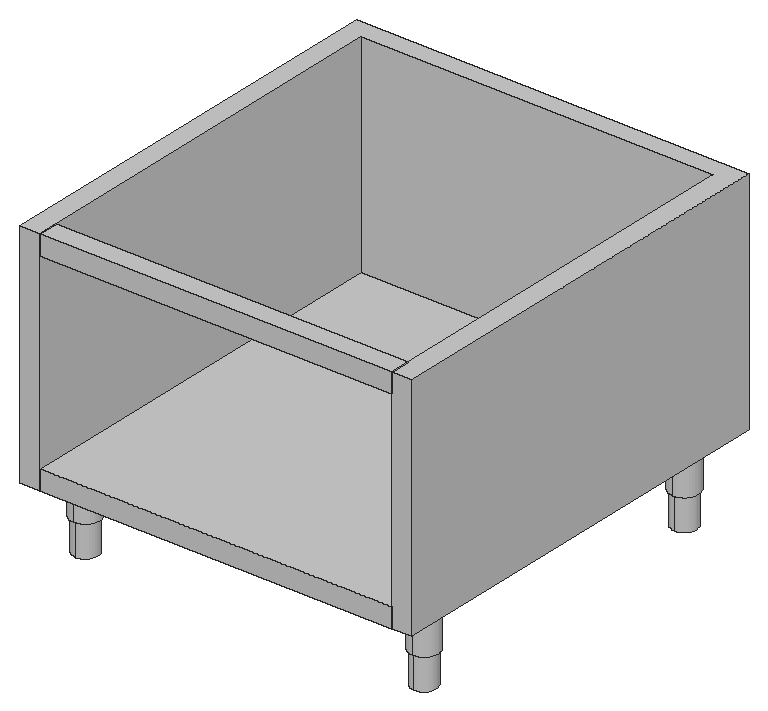
Revit family "QF_GIORIK_BV940G", category Specialty Equipment, Revit 2014
Parameters (values of type "BV940G")
  Show Logo [instance] = yes
  Show Clearance [instance] = yes
  Assembly Code = "E1090320"
Reference planes
  plane 1 "Back": y = 0
  plane 2: z = 0
  plane 3 "Left": x = 0
  plane 4 "Right": x = 800
  plane 5 "Front": y = -920
  plane 6 "Top": z = 620
Forms (mm)
  Extrusion 1, solid
    sketch origin (-16, 1025.81, 0) x (1, 0, 0) y (0, 1, 0)
      loop
        line (25, -1086.81) -> (25, -1156.81) -> (115, -1156.81) -> (115, -1086.81) -> (25, -1086.81)
    from 148 to 150
  Extrusion 2, solid
    sketch origin (816, 1025.81, 0) x (-1, 0, 0) y (0, -1, 0)
      loop
        line (25, 1086.81) -> (115, 1086.81) -> (115, 1156.81) -> (25, 1156.81) -> (25, 1086.81)
    from 148 to 150
  Extrusion 3, solid
    sketch origin (0, 0, 599.536) x (1, 0, 0) y (0, 1, 0)
      loop
        line (0, -860) -> (40, -860) -> (40, -40) -> (760, -40) -> (760, -860) -> (800, -860) -> (800, 0) -> (0, 0) -> (0, -860)
    from -449.536 to 20.464
  Extrusion 4, solid
    sketch origin (0, 0, 0) x (1, 0, 0) y (0, 1, 0)
      loop
        line (40, -40) -> (40, -860) -> (760, -860) -> (760, -40) -> (40, -40)
    from 150 to 190
  Extrusion 5, solid
    sketch origin (-16, 360.81, 0) x (1, 0, 0) y (0, 1, 0)
      loop
        line (25, -1086.81) -> (25, -1156.81) -> (115, -1156.81) -> (115, -1086.81) -> (25, -1086.81)
    from 148 to 150
  Revolve 6, solid
    sketch origin (54, 360.81, 0) x (0, 1, 0) y (0, 0, 1)
      loop
        line (-1092.56, 66) -> (-1092.56, 148) -> (-1121.81, 148) -> (-1121.81, 0) -> (-1096.81, 0) -> (-1096.81, 66) -> (-1092.56, 66)
      axis (-1121.81, 0) -> (-1121.81, 148)
    angle from 0 to 360
  Extrusion 7, solid
    sketch origin (816, 360.81, 0) x (-1, 0, 0) y (0, -1, 0)
      loop
        line (25, 1086.81) -> (115, 1086.81) -> (115, 1156.81) -> (25, 1156.81) -> (25, 1086.81)
    from 148 to 150
  Revolve 8, solid
    sketch origin (746, 360.81, 0) x (0, 1, 0) y (0, 0, 1)
      loop
        line (-1092.56, 66) -> (-1092.56, 148) -> (-1121.81, 148) -> (-1121.81, 0) -> (-1096.81, 0) -> (-1096.81, 66) -> (-1092.56, 66)
      axis (-1121.81, 0) -> (-1121.81, 148)
    angle from 0 to 360
  Revolve 9, solid
    sketch origin (746, 1025.81, 0) x (0, 1, 0) y (0, 0, 1)
      loop
        line (-1092.56, 66) -> (-1092.56, 148) -> (-1121.81, 148) -> (-1121.81, 0) -> (-1096.81, 0) -> (-1096.81, 66) -> (-1092.56, 66)
      axis (-1121.81, 0) -> (-1121.81, 148)
    angle from 0 to 360
  Revolve 10, solid
    sketch origin (54, 1025.81, 0) x (0, 1, 0) y (0, 0, 1)
      loop
        line (-1092.56, 66) -> (-1092.56, 148) -> (-1121.81, 148) -> (-1121.81, 0) -> (-1096.81, 0) -> (-1096.81, 66) -> (-1092.56, 66)
      axis (-1121.81, 0) -> (-1121.81, 148)
    angle from 0 to 360
  Extrusion 11, solid
    sketch origin (0, -160, 620) x (0, 1, 0) y (-1, 0, 0)
      loop
        line (-700, -40) -> (-700, -760) -> (-660, -760) -> (-660, -40) -> (-700, -40)
    from -40 to 0
Lines and regions (mm)
  symbolic lines, style "200-EquipHidden-2D", visible <- "Show Clearance", detail levels coarse
    curve 1: line (0, -860, 0) -> (800, -860, 0)
    curve 2: line (800, -860, 0) -> (800, 0, 0)
    curve 3: line (800, 0, 0) -> (0, 0, 0)
    curve 4: line (0, 0, 0) -> (0, -860, 0)
Dimensions and locks
  plane 3 "Left" to plane 4 "Right" = 800 mm
  plane 5 "Front" to plane 1 "Back" = 920 mm
  plane 4 "Right" to plane 3 "Left" = 800 mm
  plane 1 "Back" to plane 5 "Front" = 920 mm
  plane 6 "Top" to level = 620 mm  (x2)
  aligned and locked: level to plane 2
